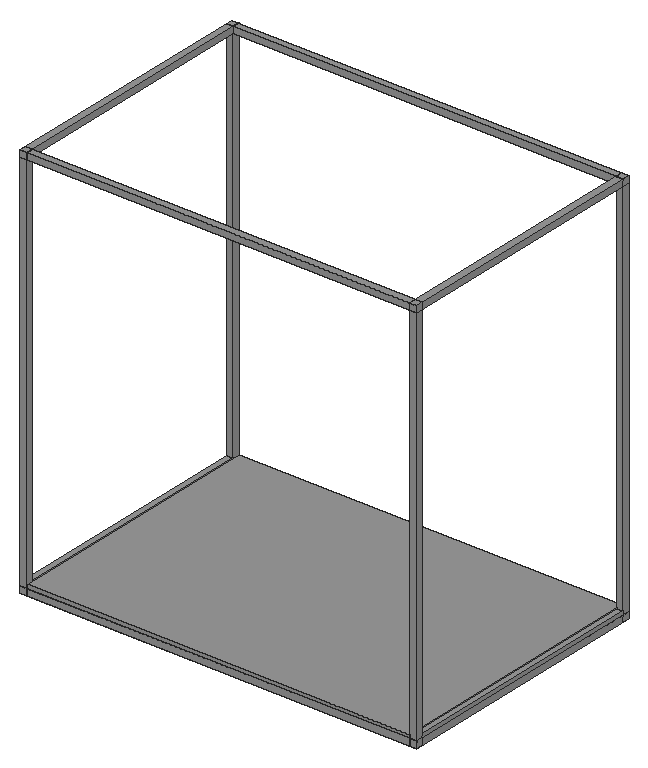
Revit family "Family Frame with Materials", category Furniture Systems, Revit 2016
Family settings
  Part Type = Normal
  Round Connector Dimension = Use Diameter
  Work Plane-Based = No
  Always vertical = Yes
  Cut with Voids When Loaded = No
  Shared = No
  Room Calculation Point = No
Parameters (values of type "Family Frame")
  Width = 3000 mm
  Rear Wall = none
  Inner Width = Width - 100 mm  # 2900 mm
  Inner Depth = Depth - 100 mm  # 1900 mm
  Height = 3000 mm
  Frame Uprights = Steel, Mild
  Frame Transoms = Aluminum 6061
  Floor Thickness = 75 mm
  Floor = Wood Flooring
  Depth = 2000 mm
  Ceiling Height = Height - 20 mm  # 2980 mm
  Ceiling = Mirror Ceiling
Reference planes
  plane 1 "Center (Front/Back)": y = 0
  plane 2: z = 0
  plane 3 "Center (Left/Right)": x = 0
  plane 4: y = -50
Forms (mm)
  Extrusion 1, solid, material "Aluminum 6061" <- "Frame Transoms"
    sketch origin (0, 0, 0) x (1, 0, 0) y (0, 0, 1)
      loop
        line (0, 0) -> (50, 0) -> (50, 50) -> (0, 50) -> (0, 0)
    from 0 to 2000 <- "Depth"
  Extrusion 2, solid, material "Aluminum 6061" <- "Frame Transoms"
    sketch origin (0, 0, 0) x (1, 0, 0) y (0, 0, 1)
      loop
        line (3000, 0) -> (3000, 50) -> (2950, 50) -> (2950, 0) -> (3000, 0)
      loop
        line (3000, 3000) -> (2950, 3000) -> (2950, 2950) -> (3000, 2950) -> (3000, 3000)
      loop
        line (0, 3000) -> (0, 2950) -> (50, 2950) -> (50, 3000) -> (0, 3000)
    from 0 to 2000 <- "Depth"
  Extrusion 3, solid, material "Aluminum 6061" <- "Frame Transoms"
    sketch origin (0, 0, 0) x (0, 1, 0) y (0, 0, 1)
      loop
        line (0, 0) -> (0, 50) -> (-50.002, 50) -> (-50.002, 0) -> (0, 0)
      loop
        line (0, 2950) -> (0, 3000) -> (-50, 3000) -> (-50, 2950) -> (0, 2950)
    from 0 to 3000 <- "Width"
  Extrusion 4, solid, material "Aluminum 6061" <- "Frame Transoms"
    sketch origin (0, 0, 0) x (0, 1, 0) y (0, 0, 1)
      loop
        line (-2000, 3000) -> (-2000, 2950) -> (-1950, 2950) -> (-1950, 3000) -> (-2000, 3000)
      loop
        line (-2000, 0) -> (-1950, 0) -> (-1950, 50) -> (-2000, 50) -> (-2000, 0)
    from 0 to 3000 <- "Width"
  Extrusion 5, solid, material "Steel, Mild" <- "Frame Uprights"
    sketch origin (0, 0, 0) x (1, 0, 0) y (0, 1, 0)
      loop
        line (0, 0) -> (0, -50) -> (50, -50) -> (50, 0) -> (0, 0)
      loop
        line (2950, 0) -> (2950, -50.002) -> (3000, -50.002) -> (3000, 0) -> (2950, 0)
      loop
        line (0, -2000) -> (50, -2000) -> (50, -1950) -> (0, -1950) -> (0, -2000)
      loop
        line (2950, -2000) -> (3000, -2000) -> (3000, -1950) -> (2950, -1950) -> (2950, -2000)
    from 0 to 3000 <- "Height"
  Extrusion 6, solid, material "Wood Flooring"
    sketch origin (1576.091, -50, 1200) x (1, 0, 0) y (0, 0, 1)
      loop
        line (-1576.091, -1150) -> (-1526.091, -1150) -> (-1526.091, -1125) -> (-1576.091, -1125) -> (-1576.091, -1150)
    from 0 to 1900 <- "Inner Depth"
  Extrusion 7, solid, material "Wood Flooring"
    sketch origin (1576.091, -50, 1200) x (1, 0, 0) y (0, 0, 1)
      loop
        line (1373.909, -1150) -> (1423.909, -1150) -> (1423.909, -1125) -> (1373.909, -1125) -> (1373.909, -1150)
    from 0 to 1900 <- "Inner Depth"
  Extrusion 8, solid, material "Wood Flooring" <- "Floor"
    sketch origin (0, 0, 0) x (1, 0, 0) y (0, 0, 1)
      loop
        line (50, 0) -> (2950, 0) -> (2950, 75) -> (50, 75) -> (50, 0)
    from 0 to 2000 <- "Depth"
Lines and regions (mm)
  reference lines
    curve 1: line (0, -1434.717, 0) -> (0, 1296.25, 0)
    curve 2: line (1576.091, 0, 0) -> (-1525.663, 0, 0)
Dimensions and locks
  "Height": Extrusion 2 to Extrusion 1
  "Height": Extrusion 2 to Extrusion 2
  "Width": Extrusion 1 to Extrusion 2
  "Depth": Extrusion 4 to Extrusion 3  (x2)
  "Height": Extrusion 2 to Extrusion 3
  "Height": Extrusion 2 to Extrusion 4
  "Width": Extrusion 5 to Extrusion 5
  "Depth": Extrusion 5 sketch curve to Extrusion 5 sketch curve
  "Depth": Extrusion 5 to Extrusion 5
  Extrusion 2 to Extrusion 8 = 2900 mm
  "Inner Width": Extrusion 5 to Extrusion 8
  "Inner Width": Extrusion 8 to Extrusion 7
  "Floor Thickness": Extrusion 8 to Extrusion 8
  aligned and locked: level to plane 2
Automatic sketch dimensions
  curve 2 to plane 1 "Center (Front/Back)" = 0 mm
  curve 1 to plane 3 "Center (Left/Right)" = 0 mm
  curve 2 to plane 3 "Center (Left/Right)" = 1525.663 mm
  plane 3 "Center (Left/Right)" to curve 2 = 1576.091 mm
  plane 1 "Center (Front/Back)" to curve 1 = 1434.717 mm
  curve 1 to plane 1 "Center (Front/Back)" = 1296.25 mm
  Extrusion 1 sketch curve to plane 3 "Center (Left/Right)" = 0 mm
  Extrusion 1 sketch curve to level = 0 mm
  plane 3 "Center (Left/Right)" to Extrusion 1 sketch curve = 50 mm
  level to Extrusion 1 sketch curve = 50 mm
  Extrusion 2 sketch curve to plane 3 "Center (Left/Right)" = 0 mm
  Extrusion 2 sketch curve to level = 0 mm
  plane 3 "Center (Left/Right)" to Extrusion 2 sketch curve = 50 mm
  Extrusion 2 sketch curve to Extrusion 2 sketch curve = 2900 mm  (x2)
  level to Extrusion 2 sketch curve = 50 mm
  Extrusion 2 sketch curve to Extrusion 2 sketch curve = 0 mm
  Extrusion 2 sketch curve to Extrusion 2 sketch curve = 50 mm  (x4)
  level to Extrusion 2 sketch curve = 2950 mm
  Extrusion 3 sketch curve to level = 0 mm
  Extrusion 3 sketch curve to plane 1 "Center (Front/Back)" = 0 mm  (x2)
  plane 1 "Center (Front/Back)" to Extrusion 3 sketch curve = 50.002 mm
  plane 1 "Center (Front/Back)" to Extrusion 3 sketch curve = 50 mm
  level to Extrusion 3 sketch curve = 50 mm
  Extrusion 3 sketch curve to Extrusion 3 sketch curve = 2900 mm
  Extrusion 3 sketch curve to Extrusion 3 sketch curve = 50 mm
  Extrusion 4 sketch curve to level = 0 mm
  level to Extrusion 4 sketch curve = 3000 mm
  plane 1 "Center (Front/Back)" to Extrusion 4 sketch curve = 2000 mm
  level to Extrusion 4 sketch curve = 50 mm
  Extrusion 4 sketch curve to Extrusion 4 sketch curve = 0 mm
  Extrusion 4 sketch curve to Extrusion 4 sketch curve = 50 mm  (x3)
  Extrusion 6 sketch curve to plane 3 "Center (Left/Right)" = 0 mm
  plane 3 "Center (Left/Right)" to Extrusion 6 sketch curve = 50 mm
  level to Extrusion 6 sketch curve = 50 mm
  Extrusion 6 sketch curve to Extrusion 6 sketch curve = 25 mm
  level to Extrusion 7 sketch curve = 75 mm
  plane 3 "Center (Left/Right)" to Extrusion 7 sketch curve = 2950 mm
  Extrusion 7 sketch curve to Extrusion 7 sketch curve = 50 mm
  Extrusion 7 sketch curve to Extrusion 7 sketch curve = 25 mm
  plane 3 "Center (Left/Right)" to Extrusion 8 sketch curve = 50 mm
  level to Extrusion 8 sketch curve = 75 mm
  Extrusion 8 sketch curve to Extrusion 8 sketch curve = 2900 mm
  Extrusion 8 sketch curve to Extrusion 8 sketch curve = 75 mm
  plane 1 "Center (Front/Back)" to Extrusion 5 sketch curve = 0 mm  (x2)
  Extrusion 5 sketch curve to plane 3 "Center (Left/Right)" = 0 mm  (x2)
  plane 4 to Extrusion 5 sketch curve = 0 mm
  plane 3 "Center (Left/Right)" to Extrusion 5 sketch curve = 50 mm  (x2)
  Extrusion 5 sketch curve to Extrusion 5 sketch curve = 2900 mm
  plane 4 to Extrusion 5 sketch curve = 0.002 mm
  Extrusion 5 sketch curve to Extrusion 5 sketch curve = 0 mm
  Extrusion 5 sketch curve to Extrusion 5 sketch curve = 50 mm  (x4)
  plane 4 to Extrusion 5 sketch curve = 1950 mm
